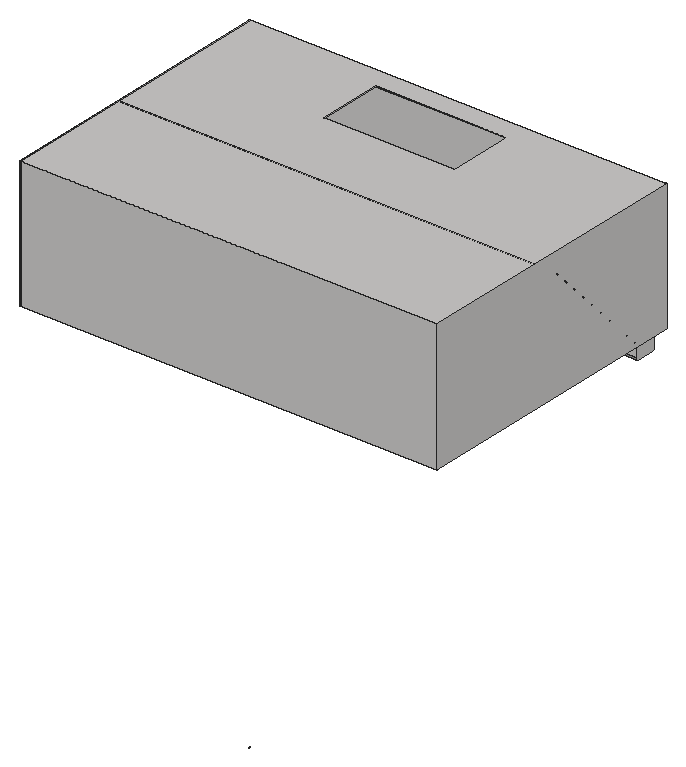
Revit family "QF_ELECTROLUXPROFESSIONAL_642016_EP1116T", category Attrezzature speciali, Revit 2021
Family settings
  Quota connettore circolare = Usa diametro
  Tipo di parte = Normale
  Basato su piano di lavoro = No
  Sempre verticale = Sì
  Taglio con vuoti quando caricato = No
  Condiviso = No
  Punto di calcolo locali = No
Parameters (values of type "Standard")
  Weight = 42.00 kg
  Watts = 0 W
  Volts = 0 V
  URL Manufacturer = "https://www.electroluxprofessional.com/"
  URL = "https://www.electroluxprofessional.com/"
  Steam Supply Size = 0 mm
  Steam Supply Minimum Pressure = 0.0 Pa
  Steam Supply Maximum Pressure = 0.0 Pa
  Steam Consumption per Hour = 0
  Refrigeration Suction Line Size = 0 mm
  Refrigeration Liquid Line Size = 0 mm
  Refrigerant Compressor Remote = yes
  Prospetto di default = 0 mm
  Produttore = "Electrolux Professional"
  Phase = 0
  Modello = "EP1116T"
  Length Actual = 1600 mm  # constant formula
  Item Number = "642016"
  Hot Water Size = 0 mm
  Height Actual = 500 mm  # constant formula
  HP = "0 HP"
  Gas Size = 0 mm
  Gas KW = 0
  Gas Input Pressure = 0 W
  Direct Waste Size = 0 mm
  Descrizione = "304 S/S WALL HOOD+FILTERS 1600X1100MM"
  Depth Actual = 1100 mm  # constant formula
  Cycle = 0 Hz
  Condensate Return Size = 0 mm
  Compressed Air Volume = 0.0 L/s
  Compressed Air Size = 0 mm
  Compressed Air Pressure = 0.0 Pa
  Cold Water Size = 0 mm
  Accessory = yes
Reference planes
  plane 1 "Center (Front/Back)": y = 0
  plane 2: z = 0
  plane 3 "Center (Left/Right)": x = 150
  plane 4 "LEFT": x = -650
  plane 5 "RIGHT": x = 950
  plane 6 "BACK": y = 550
  plane 7 "FRONT": y = -550
  plane 8 "TOP": z = 2500
  plane 9 "Base": z = 2000
  plane 10: z = 1926
  plane 11 "DrainY": y = 485
  plane 12: x = -647
  plane 13: through (0, 414.509, 2000.8) normal (0, 0.7314, 0.682)
  plane 14: y = 470
  plane 15: y = 220
  plane 16 "DrainX": x = 830
  plane 17: x = -100
  plane 18: x = 400
  plane 19: x = 947
  plane 20: x = 740
  plane 21: x = 920
  plane 22: x = -450
  plane 23: x = 750
  plane 24: x = -47.5
  plane 25: x = 347.5
Forms (mm)
  Extrusion 1, solid, material "QF_Finishes_Stainless Steel"
    sketch origin (-650, 0, 360) x (0, 1, 0) y (0, 0, 1)
      loop
        line (550, 1640) -> (550, 2140) -> (-550, 2140) -> (-550, 1640) -> (550, 1640)
    from 0 to 3
  Extrusion 2, solid, material "QF_Finishes_Stainless Steel"
    sketch origin (150, 0, 360) x (0, 1, 0) y (0, 0, 1)
      loop
        line (415.255, 1640) -> (550, 1640) -> (550, 2139.19) -> (549.2, 2139.19) -> (549.2, 1640.8) -> (415.876, 1640.8) -> (339.347, 1722.867) -> (349.609, 1732.436) -> (348.927, 1733.167) -> (337.934, 1722.917) -> (415.255, 1640)
      loop
        line (-82.203, 2139.19) -> (-82.203, 2118.6) -> (-31.047, 2118.6) -> (34.354, 2048.466) -> (46.028, 2059.352) -> (45.346, 2060.083) -> (34.403, 2049.879) -> (-30.612, 2119.6) -> (-81.203, 2119.6) -> (-81.203, 2139.19) -> (-82.203, 2139.19)
    from -797 to 797
  Extrusion 3, solid, material "QF_Finishes_Stainless Steel"
    sketch origin (950, 0, 360) x (0, 1, 0) y (0, 0, 1)
      loop
        line (550, 1640) -> (550, 2140) -> (-550, 2140) -> (-550, 1640) -> (550, 1640)
    from 0 to -3
  Extrusion 4, solid, material "QF_Finishes_Stainless Steel"
    sketch origin (150, 0, 360) x (0, 1, 0) y (0, 0, 1)
      loop
        line (-550, 2140) -> (-550, 1640) -> (-549.2, 1640) -> (-549.2, 2139.19) -> (550, 2139.19) -> (550, 2140) -> (-550, 2140)
    from -800 to 800
  Extrusion 5, solid, material "QF_Finishes_Stainless Steel"
    sketch origin (150, 0, 360) x (0, 1, 0) y (0, 0, 1)
      loop
        line (534, 1640) -> (436, 1640) -> (436, 1627) -> (443.5, 1627) -> (443.5, 1576)
        arc (443.5, 1576) -> (446.429, 1568.929) -> (453.5, 1566) r 10
        line (453.5, 1566) -> (516.5, 1566)
        arc (516.5, 1566) -> (523.571, 1568.929) -> (526.5, 1576) r 10
        line (526.5, 1576) -> (526.5, 1627) -> (534, 1627) -> (534, 1640)
    from 590 to 770
  Extrusion 6, solid, material "QF_Finishes_Stainless Steel"
    sketch origin (0, 0, 2000) x (0, 1, 0) y (-1, 0, 0)
      loop
        circle (485, -830) r 20
    from -76 to -74
  Extrusion 7, solid, material "QF_Finished_Chrome"
    sketch origin (150, 0, 360) x (0, 1, 0) y (0, 0, 1)
      loop
        line (337.934, 1722.917) -> (341.591, 1726.327) -> (38.011, 2051.876) -> (34.354, 2048.466) -> (337.934, 1722.917)
    from -197.5 to -600
  Extrusion 8, solid, material "QF_Finishes_Stainless Steel"
    sketch origin (150, 0, 360) x (0, 1, 0) y (0, 0, 1)
      loop
        line (337.934, 1722.917) -> (341.591, 1726.327) -> (38.011, 2051.876) -> (34.354, 2048.466) -> (337.934, 1722.917)
    from 797 to 600
  Extrusion 9, solid, material "QF_Finished_Chrome"
    sketch origin (150, 0, 360) x (0, 1, 0) y (0, 0, 1)
      loop
        line (341.588, 1726.324) -> (38.009, 2051.874) -> (34.354, 2048.466) -> (337.934, 1722.917) -> (341.588, 1726.324)
    from 197.5 to 600
  Extrusion 10, void
    sketch origin (0, 0, 2500) x (0, 1, 0) y (-1, 0, 0)
      loop
        line (470, -400) -> (470, 100) -> (220, 100) -> (220, -400) -> (470, -400)
    from 0 to -10
  Extrusion 11, solid, material "QF_Finishes_Stainless Steel"
    sketch origin (0, 0, 0) x (1, 0, 0) y (0, 1, 0)
      loop
        line (-650, 550) -> (-650, 549) -> (-649, 549) -> (-649, 550) -> (-650, 550)
    from 0 to 1
  Extrusion 12, solid, material "QF_Finishes_Stainless Steel"
    sketch origin (150, 0, 360) x (0, 1, 0) y (0, 0, 1)
      loop
        line (337.934, 1722.917) -> (341.591, 1726.327) -> (38.011, 2051.876) -> (34.354, 2048.466) -> (337.934, 1722.917)
    from -600 to -797
  Extrusion 13, solid, material "QF_Finishes_Stainless Steel"
    sketch origin (150, 0, 360) x (0, 1, 0) y (0, 0, 1)
      loop
        line (337.934, 1722.917) -> (341.591, 1726.327) -> (38.011, 2051.876) -> (34.354, 2048.466) -> (337.934, 1722.917)
    from 197.5 to -197.5
Cuts and joins
  Extrusion 10 cuts Extrusion 4
  joined: Extrusion 2, Extrusion 4
Lines and regions (mm)
  reference lines
    curve 1: line (150, 34.354, 2408.466) -> (150, 34.354, 2248.466)
  symbolic lines, style "SpecialityEquipment", detail levels coarse
    curve 2: line (950, 550, 2500) -> (-650, 550, 2500)
    curve 3: line (-650, 550, 2500) -> (-650, -550, 2500)
    curve 4: line (950, -550, 2500) -> (950, 550, 2500)
    curve 5: line (-650, -550, 2500) -> (950, -550, 2500)
    curve 6: line (400, 220, 2500) -> (-100, 220, 2500)
    curve 7: line (400, 470, 2500) -> (400, 220, 2500)
    curve 8: line (-100, 470, 2500) -> (400, 470, 2500)
    curve 9: line (-100, 220, 2500) -> (-100, 470, 2500)
    curve 10: line (-650, 550, 0) -> (950, -550, 0)
    curve 11: line (950, 550, 0) -> (-650, -550, 0)
Dimensions and locks
  plane 4 "LEFT" to plane 5 "RIGHT" = 1600 mm
  equal spacing: plane 4 "LEFT", plane 3 "Center (Left/Right)", plane 5 "RIGHT"
  plane 9 "Base" to plane 10 = 74 mm
  plane 6 "BACK" to plane 11 "DrainY" = 65 mm  (x2)
  plane 4 "LEFT" to plane 12 = 3 mm
  plane 6 "BACK" to plane 14 = 80 mm
  plane 14 to plane 15 = 250 mm  (x2)
  plane 16 "DrainX" to plane 5 "RIGHT" = 120 mm
  plane 19 to plane 5 "RIGHT" = 3 mm
  locked: plane 20 to plane 16 "DrainX" at 90
  locked: plane 16 "DrainX" to plane 21 at 90
  plane 6 "BACK" to plane 7 "FRONT" = 1100 mm  (x2)
  equal spacing: plane 6 "BACK", plane 1 "Center (Front/Back)", plane 7 "FRONT"
  plane 15 to plane 7 "FRONT" = 770 mm
  plane 14 to plane 6 "BACK" = 80 mm
  plane 4 "LEFT" to plane 22 = 200 mm
  plane 23 to plane 5 "RIGHT" = 200 mm
  locked: plane 24 to plane 25 at 395
  equal spacing: plane 24, plane 3 "Center (Left/Right)", plane 25
  locked: plane 17 to plane 18 at 500
  equal spacing: plane 17, plane 3 "Center (Left/Right)", plane 18
  locked: plane 9 "Base" to level at 2000
  locked: plane 8 "TOP" to plane 9 "Base" at 500
  aligned and locked: level to plane 2
  aligned and locked: Extrusion 2 to Extrusion 1
  aligned and locked: Extrusion 2 to Extrusion 3
  aligned and locked: plane 5 "RIGHT" to Extrusion 4
  aligned and locked: Extrusion 4 to plane 4 "LEFT"
  aligned and locked: plane 19 to Extrusion 8
  aligned and locked: Extrusion 10 to plane 17
  aligned and locked: Extrusion 10 to plane 15
  aligned and locked: Extrusion 10 to plane 14
  aligned and locked: Extrusion 2 to Extrusion 4
  aligned and locked: plane 21 to Extrusion 5
  aligned and locked: Extrusion 5 to plane 20
  aligned and locked: Extrusion 8 to plane 23
  aligned and locked: Extrusion 9 to plane 23
  aligned and locked: Extrusion 7 to plane 22
  aligned and locked: Extrusion 12 to plane 12
  aligned and locked: plane 22 to Extrusion 12
  aligned and locked: Extrusion 3 to plane 19
  aligned and locked: Extrusion 10 to plane 18
  aligned and locked: plane 18 to curve 7
  aligned and locked: plane 25 to Extrusion 13
  aligned and locked: Extrusion 13 to plane 24
  aligned and locked: Extrusion 9 to plane 25
Automatic sketch dimensions
  curve 5 to plane 5 "RIGHT" = 0 mm
  curve 5 to plane 7 "FRONT" = 0 mm
  curve 6 to plane 15 = 0 mm
  plane 14 to curve 8 = 0 mm
  curve 3 to plane 4 "LEFT" = 0 mm
  curve 3 to plane 6 "BACK" = 0 mm
  curve 6 to plane 17 = 0 mm
  Extrusion 1 sketch curve to plane 9 "Base" = 0 mm
  Extrusion 1 sketch curve to plane 6 "BACK" = 0 mm
  Extrusion 1 sketch curve to plane 8 "TOP" = 0 mm
  Extrusion 2 sketch curve to plane 13 = 0 mm  (x3)
  Extrusion 2 sketch curve to plane 9 "Base" = 0 mm
  plane 13 to Extrusion 2 sketch curve = 0 mm
  Extrusion 2 sketch curve to plane 6 "BACK" = 0 mm
  Extrusion 2 sketch curve to Extrusion 2 sketch curve = 65.646 mm
  Extrusion 2 sketch curve to Extrusion 2 sketch curve = 0.682 mm  (x2)
  Extrusion 2 sketch curve to Extrusion 2 sketch curve = 10.261 mm
  plane 9 "Base" to Extrusion 2 sketch curve = 82.917 mm
  Extrusion 2 sketch curve to plane 1 "Center (Front/Back)" = 46.028 mm
  Extrusion 2 sketch curve to Extrusion 2 sketch curve = 10.942 mm
  Extrusion 2 sketch curve to Extrusion 2 sketch curve = 0.049 mm
  Extrusion 2 sketch curve to plane 8 "TOP" = 20.4 mm
  Extrusion 2 sketch curve to plane 8 "TOP" = 21.4 mm
  Extrusion 2 sketch curve to plane 8 "TOP" = 0.81 mm  (x2)
  Extrusion 2 sketch curve to Extrusion 2 sketch curve = 50.156 mm
  Extrusion 2 sketch curve to Extrusion 2 sketch curve = 1 mm
  plane 9 "Base" to Extrusion 2 sketch curve = 0.8 mm
  Extrusion 2 sketch curve to plane 6 "BACK" = 0.8 mm
  Extrusion 3 sketch curve to plane 9 "Base" = 0 mm
  Extrusion 3 sketch curve to plane 6 "BACK" = 0 mm
  Extrusion 3 sketch curve to plane 8 "TOP" = 0 mm
  Extrusion 4 sketch curve to plane 7 "FRONT" = 0 mm
  Extrusion 4 sketch curve to plane 6 "BACK" = 0 mm
  Extrusion 4 sketch curve to plane 8 "TOP" = 0 mm
  plane 7 "FRONT" to Extrusion 4 sketch curve = 0.8 mm
  Extrusion 4 sketch curve to plane 8 "TOP" = 0.81 mm
  curve 1 to plane 13 = 0 mm
  curve 1 to plane 1 "Center (Front/Back)" = 34.354 mm
  Extrusion 5 sketch curve to plane 9 "Base" = 0 mm
  Extrusion 5 sketch curve to plane 10 = 0 mm
  Extrusion 5 sketch curve to plane 9 "Base" = 13 mm  (x2)
  plane 14 to Extrusion 5 sketch curve = 34 mm
  Extrusion 5 sketch curve to Extrusion 5 sketch curve = 7.5 mm  (x2)
  Extrusion 5 sketch curve to Extrusion 5 sketch curve = 10 mm
  plane 11 "DrainY" to Extrusion 5 sketch curve = 31.5 mm
  Extrusion 5 sketch curve to plane 6 "BACK" = 23.5 mm
  Extrusion 6 sketch curve to plane 11 "DrainY" = 0 mm
  Extrusion 6 sketch curve to plane 16 "DrainX" = 0 mm
  Extrusion 7 sketch curve to plane 13 = 0 mm  (x2)
  Extrusion 7 sketch curve to plane 1 "Center (Front/Back)" = 34.354 mm
  Extrusion 7 sketch curve to Extrusion 7 sketch curve = 3.657 mm
  plane 9 "Base" to Extrusion 7 sketch curve = 82.917 mm
  Extrusion 8 sketch curve to plane 13 = 0 mm  (x2)
  Extrusion 8 sketch curve to plane 1 "Center (Front/Back)" = 34.354 mm
  Extrusion 8 sketch curve to Extrusion 8 sketch curve = 3.657 mm
  plane 9 "Base" to Extrusion 8 sketch curve = 82.917 mm
  Extrusion 9 sketch curve to plane 13 = 0 mm  (x2)
  Extrusion 9 sketch curve to plane 1 "Center (Front/Back)" = 34.354 mm
  Extrusion 9 sketch curve to Extrusion 9 sketch curve = 3.655 mm
  plane 9 "Base" to Extrusion 9 sketch curve = 82.917 mm
  Extrusion 10 sketch curve to plane 15 = 0 mm
  plane 14 to Extrusion 10 sketch curve = 0 mm
  Extrusion 10 sketch curve to plane 18 = 0 mm
  Extrusion 10 sketch curve to plane 17 = 0 mm
  Extrusion 11 sketch curve to plane 4 "LEFT" = 0 mm
  Extrusion 11 sketch curve to plane 6 "BACK" = 0 mm
  plane 4 "LEFT" to Extrusion 11 sketch curve = 1 mm
  Extrusion 11 sketch curve to Extrusion 11 sketch curve = 1 mm
  Extrusion 12 sketch curve to plane 13 = 0 mm  (x2)
  Extrusion 12 sketch curve to plane 1 "Center (Front/Back)" = 34.354 mm
  Extrusion 12 sketch curve to Extrusion 12 sketch curve = 3.657 mm
  plane 9 "Base" to Extrusion 12 sketch curve = 82.917 mm
  Extrusion 13 sketch curve to plane 13 = 0 mm  (x2)
  Extrusion 13 sketch curve to plane 1 "Center (Front/Back)" = 34.354 mm
  Extrusion 13 sketch curve to Extrusion 13 sketch curve = 3.657 mm
  plane 9 "Base" to Extrusion 13 sketch curve = 82.917 mm
  Extrusion 4 sketch curve to Extrusion 4 sketch curve = 499.19 mm
  curve 1 to curve 1 = 160 mm
  Extrusion 1 sketch curve to plane 7 "FRONT" = 0 mm
  Extrusion 3 sketch curve to plane 7 "FRONT" = 0 mm
  curve 11 to plane 4 "LEFT" = 0 mm
  curve 10 to plane 4 "LEFT" = 0 mm
  curve 11 to plane 5 "RIGHT" = 0 mm
  curve 10 to plane 5 "RIGHT" = 0 mm
  curve 10 to plane 7 "FRONT" = 0 mm
  curve 11 to plane 7 "FRONT" = 0 mm
  curve 11 to plane 6 "BACK" = 0 mm
  curve 10 to plane 6 "BACK" = 0 mm
  radius of Extrusion 6 sketch curve = 20 mm
Connectors
  piping at (830, 485, 1924), diameter 20
    settings: on Extrusion 6, index 1, connector inside diameter 609.6 mm, connector length 0 mm, flow factor 0, pipe flow 0.0 L/s, pressure drop 0.0 Pa, fitting loss kfactor 0, connector angle 0.00°, fixture units 0, engagement length 0 mm, angle of deflection 0.00°, flow configuration 1, flow direction 2, fitting loss method 0, system type 16, joint type 0, gender type 0, connector reference index -1, connector utility 0, adjustable connector no, is connector primary yes, connector description "Drain"
  hvac at (150, 345, 2500)
    settings: on Extrusion 10, index 2, duct flow 0.0 L/s, flow factor 0, pres drop 0.0 Pa, loss coef 0, conn angle 0.00°, conn width 250 mm, conn height 500 mm, conn diameter 609.6 mm, duct sys type 3, conn prof type 1, flow config 1, flow direction 0, loss method 0, conn ref index -1, conn util no, is conn primary yes, conn desc "EXHAUST OUTLET"
